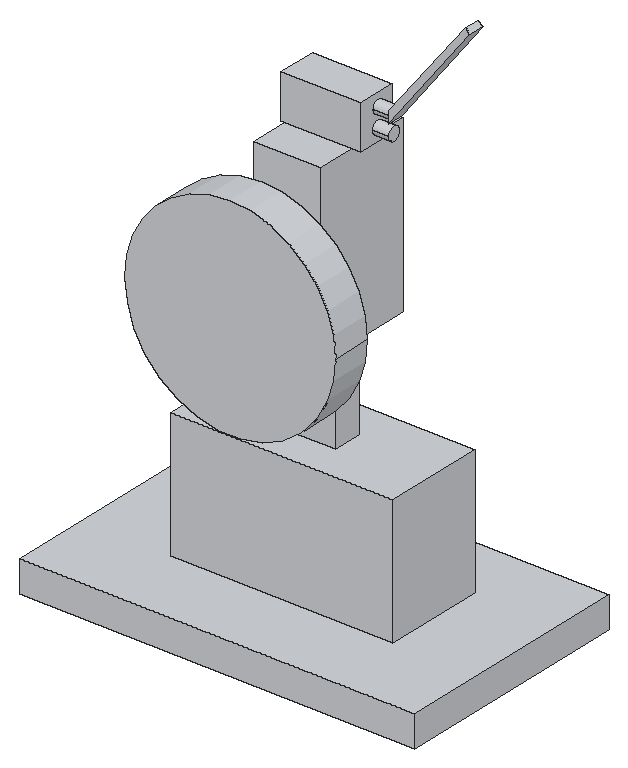
Revit family "Станок дисковый отрезной", category Оборудование, Revit 2017
Family settings
  Размер круглого соединителя = Использовать диаметр
  Тип детали = Нормальный
  На основе рабочей плоскости = Нет
  Всегда вертикально = Да
  При загрузке вырезать с полостями = Нет
  Общий = Да
  Точка расчета площади = Нет
Parameters (values of type "Дисковый отрезной станок")
  Ширина = 620 mm
  Число полюсов = 1
  Примечание ЭМ [instance] = ""
  Примечание АР [instance] = ""
  Примечание = ""
  Обозначение = "MCS-225"
  Напряжение = 220 V
  Наименование = "Дисковый отрезной станок"
  Мощность номинальная = 1300 W
  Масса = "58"
  Manufacturer = ""
  Задание = "ЭМ"
  Завод = ""
  Единицы = "шт."
  Глубина = 380 mm
  Высота = 750 mm
  URL = ""
Reference planes
  plane 1 "По центру (Вперед/Назад)": y = 0
  plane 2: z = 0
  plane 3 "По центру (Влево/Вправо)": x = 0
  plane 4: y = 380
  plane 5: x = 620
  plane 6: x = 310
  plane 7: z = 750
Forms (mm)
  Extrusion 1, solid
    sketch origin (0, 0, 0) x (1, 0, 0) y (0, 1, 0)
      loop
        line (0, 380) -> (0, 0) -> (620, 0) -> (620, 380) -> (0, 380)
    from 0 to 48.961
  Extrusion 2, solid
    sketch origin (0, 0, 0) x (1, 0, 0) y (0, 1, 0)
      loop
        line (140, 282.021) -> (140, 121.366) -> (488.688, 121.366) -> (488.688, 282.021) -> (140, 282.021)
    from 48.961 to 250
  Extrusion 3, solid
    sketch origin (0, 0, 0) x (1, 0, 0) y (0, 1, 0)
      loop
        line (269.371, 220.929) -> (269.371, 175.929) -> (354.371, 175.929) -> (354.371, 220.929) -> (269.371, 220.929)
    from 250 to 403.003
  Extrusion 4, solid
    sketch origin (0, 0, 0) x (0, 1, 0) y (0, 0, 1)
      loop
        circle (198.429, 403.003) r 50
    from 140 to 269.371
  Extrusion 5, solid
    sketch origin (0, 0, 0) x (1, 0, 0) y (0, 1, 0)
      loop
        line (269.371, 282.021) -> (269.371, 121.366) -> (375.156, 121.366) -> (375.156, 282.021) -> (269.371, 282.021)
    from 403.003 to 676.38
  Extrusion 6, solid
    sketch origin (0, 0, 0) x (1, 0, 0) y (0, 0, 1)
      loop
        line (269.371, 681.05) -> (393.725, 681.05) -> (393.725, 750) -> (269.371, 750) -> (269.371, 681.05)
    from -237.538 to -175.929
  Extrusion 7, solid
    sketch origin (0, 0, 0) x (0, 1, 0) y (0, 0, 1)
      loop
        circle (209.023, 731.59) r 10
      loop
        circle (208.189, 702.391) r 10
    from 393.725 to 420.403
  Extrusion 8, solid
    sketch origin (0, 405.194, -5) x (1, 0, 0) y (0, 0, -1)
      loop
        circle (310, -483.24) r 25
    from -318.684 to -282.021
  Extrusion 9, solid
    sketch origin (0, 405.194, 0) x (1, 0, 0) y (0, 0, -1)
      loop
        circle (310, -484.494) r 165
    from -380 to -318.684
  Extrusion 10, solid
    sketch origin (4.279, 0, 8.914) x (1, 0, 0) y (0, 0, 1)
      loop
        line (418.535, 731.26) -> (418.535, 714.006) -> (545.354, 882.724) -> (538.122, 889.957) -> (418.535, 731.26)
    from -220.929 to -196.038
Dimensions and locks
  "Глубина": plane 4 to plane 1 "По центру (Вперед/Назад)"
  "Ширина": plane 3 "По центру (Влево/Вправо)" to plane 5
  equal spacing: plane 3 "По центру (Влево/Вправо)", plane 6, plane 5
  "Высота": plane 7 to level
  aligned and locked: level to plane 2
  aligned and locked: Extrusion 1 sketch curve to plane 4
  aligned and locked: plane 3 "По центру (Влево/Вправо)" to Extrusion 1 sketch curve
  aligned and locked: Extrusion 1 sketch curve to plane 1 "По центру (Вперед/Назад)"
  aligned and locked: Extrusion 1 sketch curve to plane 5
  aligned and locked: Extrusion 4 to Extrusion 3
  aligned and locked: Extrusion 5 sketch curve to Extrusion 2  (x2)
  aligned and locked: Extrusion 5 to Extrusion 3
  aligned and locked: plane 7 to Extrusion 6 sketch curve
  aligned and locked: Extrusion 3 to Extrusion 6
  aligned and locked: Extrusion 7 to Extrusion 6
  aligned and locked: Extrusion 8 to Extrusion 9
  aligned and locked: Extrusion 6 to Extrusion 3
  aligned and locked: Extrusion 2 to Extrusion 4
Automatic sketch dimensions
  plane 3 "По центру (Влево/Вправо)" to Extrusion 2 sketch curve = 140 mm
  Extrusion 2 sketch curve to plane 5 = 131.312 mm
  Extrusion 2 sketch curve to plane 1 "По центру (Вперед/Назад)" = 121.366 mm
  Extrusion 2 sketch curve to plane 4 = 97.979 mm
  plane 6 to Extrusion 3 sketch curve = 40.629 mm
  Extrusion 3 sketch curve to plane 6 = 44.371 mm
  Extrusion 3 sketch curve to plane 1 "По центру (Вперед/Назад)" = 175.929 mm
  Extrusion 3 sketch curve to Extrusion 3 sketch curve = 45 mm
  Extrusion 4 sketch curve to plane 4 = 181.571 mm
  Extrusion 4 sketch curve to plane 7 = 346.997 mm
  plane 6 to Extrusion 5 sketch curve = 40.629 mm
  Extrusion 5 sketch curve to plane 6 = 65.156 mm
  plane 3 "По центру (Влево/Вправо)" to Extrusion 6 sketch curve = 269.371 mm
  Extrusion 6 sketch curve to plane 6 = 83.725 mm
  Extrusion 6 sketch curve to Extrusion 6 sketch curve = 68.95 mm
  Extrusion 7 sketch curve to plane 7 = 47.609 mm
  Extrusion 7 sketch curve to plane 4 = 171.811 mm
  Extrusion 7 sketch curve to Extrusion 7 sketch curve = 0.834 mm
  Extrusion 7 sketch curve to plane 7 = 18.41 mm
  plane 6 to Extrusion 8 sketch curve = 0 mm
  Extrusion 8 sketch curve to plane 7 = 271.76 mm
  plane 6 to Extrusion 9 sketch curve = 0 mm
  Extrusion 9 sketch curve to plane 7 = 265.506 mm
  Extrusion 10 sketch curve to plane 7 = 27.08 mm
  Extrusion 10 sketch curve to plane 6 = 112.814 mm
  Extrusion 10 sketch curve to plane 7 = 9.826 mm
  Extrusion 10 sketch curve to plane 5 = 77.599 mm
  Extrusion 10 sketch curve to Extrusion 10 sketch curve = 7.232 mm  (x2)
  Extrusion 10 sketch curve to Extrusion 10 sketch curve = 0 mm
  plane 7 to Extrusion 10 sketch curve = 141.638 mm
  radius of Extrusion 4 sketch curve = 50 mm
  radius of Extrusion 7 sketch curve = 10 mm  (x2)
  radius of Extrusion 8 sketch curve = 25 mm
  radius of Extrusion 9 sketch curve = 165 mm
